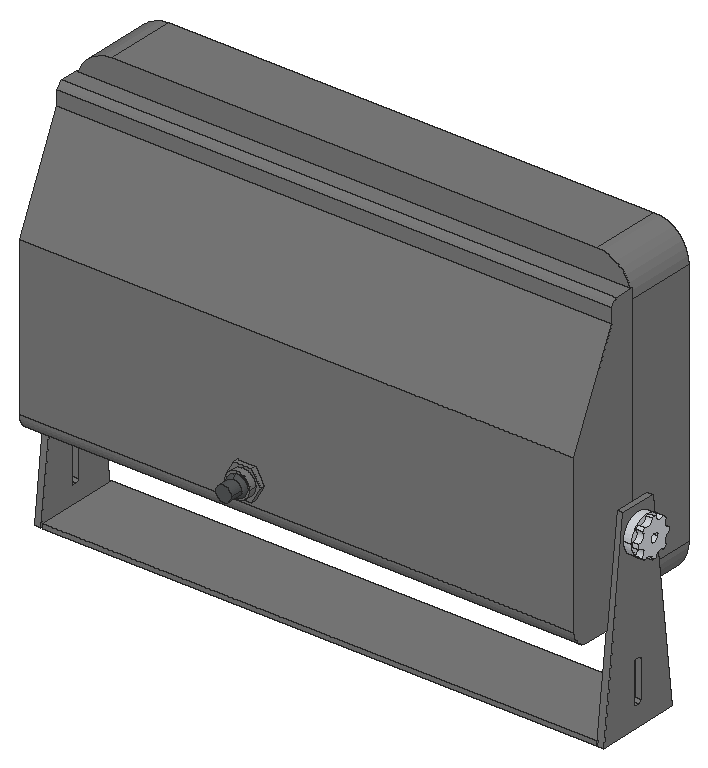
Revit family "WALL WASHER PRO 02_LV1210QW.20", category Luminarias, Revit 2019
Family settings
  Cota de conector redondo = Diámetro de uso
  Tipo de pieza = Normal
  Se basa en plano de trabajo = Sí
  Siempre vertical = No
  Corte con vacíos al cargar = No
  Origen de luz = Sí
  Compartido = No
  Punto de cálculo de habitación = No
Parameters (values of type "REFL_LV1210QW.20")
  Ángulo de inclinación = 20.00°
  Zone [instance] = ""
  Watt per fixture = 108
  Wattage = 108 W
  built-in parameter 1150107 = 6000 (stored number, unit not read)
  built-in parameter 1150110 = 1 (stored number, unit not read)
  built-in parameter 1150109 = 1 (stored number, unit not read)
  built-in parameter 1150112 = 1 (stored number, unit not read)
  built-in parameter 1150113 = 1 (stored number, unit not read)
  built-in parameter 1114218 = 1 (stored number, unit not read)
  Keynote = ""
  built-in parameter 1150137 = (empty or 0)
  built-in parameter 1150132 = (empty or 0)
  Modelo = "LV1210QW.20"
  Lámpara = "CREE"
  built-in parameter 1150105 = 302.35 (stored number, unit not read)
  built-in parameter 1150102 = (empty or 0)
  built-in parameter 1150106 = 3.0235 (stored number, unit not read)
  Lumens = 3799.44 lm
  Color Filter = 16777215
  built-in parameter 1114217 = 1 (stored number, unit not read)
  built-in parameter 1150139 = (empty or 0)
  Fabricante = "BRILLANT"
  Default Elevation = 0 mm
  built-in parameter 1150104 = 3.2683 (stored number, unit not read)
  Descripción = "LUMINARIA TIPO REFLECTOR RGBW, WALL WASHER , CUERPO EN ALUMINIO FUNDIDO A PRESION CON UN PESO DE 12.4KG, CON 453MM DE LARGO POR 333MM DE ALTURA POR 114MM DE ESPESOR, CUENTA CON 12 LED TIPO CREE CON UN CONSUMO TOTAL DE 108W, 3800 LUMENES , RGBW, IP 66,  CABLE H07RN DE 0.5M, APERTURA DE 20 GRADOS POR PROYECTO, ALIMENTADA A 90-277V. REQUIERE ACCESORIOS."
  built-in parameter 1150115 = 1 (stored number, unit not read)
  built-in parameter 1150114 = 1 (stored number, unit not read)
  Comentarios de vataje = "90-277V"
  built-in parameter 1150138 = (empty or 0)
  built-in parameter 1150134 = 5
  Circuit [instance] = ""
  Dimming Lamp Color Temperature Shift = 1
  Archivo de red fotométrica = "LV1210QW_20_FULL.IES"
  built-in parameter 1150133 = 10 (stored number, unit not read)
Reference planes
  plane 1 "Centro (Frontal/Posterior)": y = 0
  plane 2: z = 0
  plane 3 "Centro (Izquierda/Derecha)": x = 0
  plane 4: x = -226.5
  plane 5: x = 226.5
  plane 6: z = 333
  plane 7: x = 0
  plane 8: y = 57
  plane 9: y = -57
  plane 10 "IZQ": x = -39.253
Forms (mm)
  Extrusion 1, solid, material "Aluminio"
    sketch origin (0, 0, 0) x (0, 1, 0) y (0, 0, 1)
      loop
        arc (-15, 311.344) -> (-17.857, 309.228) -> (-19.973, 306.371) r 12.072
        line (-19.973, 306.371) -> (-19.973, 295.012) -> (-57, 215.607) -> (-57, 90.801)
        arc (-57, 90.801) -> (-53.222, 81.679) -> (-44.099, 77.901) r 12.901
        line (-44.099, 77.901) -> (0, 77.901) -> (0, 311.344) -> (-15, 311.344)
    from -219.911 to 221.5
  Extrusion 2, solid, material "Aluminio"
    sketch origin (0, 0, 0) x (0, 1, 0) y (0, 0, -1)
      loop
        line (34.275, 0) -> (-34.275, 0) -> (-14.671, -159.662) -> (14.671, -159.662) -> (34.275, 0)
      loop
        line (-1.599, -49.837) -> (1.599, -49.837)
        arc (1.599, -49.837) -> (3.167, -49.187) -> (3.816, -47.62) r 2.217
        line (3.816, -47.62) -> (3.816, -18.226)
        arc (3.816, -18.226) -> (3.167, -16.658) -> (1.599, -16.009) r 2.217
        line (1.599, -16.009) -> (-1.599, -16.009)
        arc (-1.599, -16.009) -> (-3.167, -16.658) -> (-3.816, -18.226) r 2.217
        line (-3.816, -18.226) -> (-3.816, -47.62)
        arc (-3.816, -47.62) -> (-3.167, -49.187) -> (-1.599, -49.837) r 2.217
    from -226.5 to -221.5
  Extrusion 3, solid, material "Aluminio"
    sketch origin (0, 0, 0) x (1, 0, 0) y (0, 1, 0)
      loop
        line (-219.911, 35) -> (-219.911, -34.275) -> (221.5, -34.275) -> (221.5, 35) -> (-219.911, 35)
    from 0 to 3.546
  Revolve 4, solid
    sketch origin (-167.528, -248.577, 264.956) x (-1, 0, 0) y (0, -1, 0)
      loop
        line (-30.028, -297.392) -> (-30.028, -286.113) -> (-52.575, -286.113)
        arc (-52.575, -286.113) -> (-42.965, -295.078) -> (-30.028, -297.392) r 23.224
      axis (-30.028, -286.113) -> (-30.028, -297.392)
    angle from 0 to 360
  Extrusion 5, solid
    sketch origin (-19.132, 0, -2.987) x (0, 1, 0) y (0, 0, -1)
      loop
        circle (0, -142.5) r 15
    from 207.368 to 214.676
  Extrusion 6, solid
    sketch origin (-19.132, 0, -81.925) x (0, 1, 0) y (0, 0, 1)
      loop
        arc (14.911, 219.803) -> (15, 221.438) -> (14.911, 223.073) r 15
        arc (14.911, 223.073) -> (10.77, 225.899) -> (11.7, 230.825) r 4.579
        arc (11.7, 230.825) -> (10.607, 232.045) -> (9.387, 233.138) r 15
        arc (9.387, 233.138) -> (4.461, 232.208) -> (1.635, 236.349) r 4.579
        arc (1.635, 236.349) -> (0, 236.438) -> (-1.635, 236.349) r 15
        arc (-1.635, 236.349) -> (-4.461, 232.208) -> (-9.387, 233.138) r 4.579
        arc (-9.387, 233.138) -> (-10.607, 232.045) -> (-11.7, 230.825) r 15
        arc (-11.7, 230.825) -> (-10.77, 225.899) -> (-14.911, 223.073) r 4.579
        arc (-14.911, 223.073) -> (-15, 221.438) -> (-14.911, 219.803) r 15
        arc (-14.911, 219.803) -> (-10.77, 216.977) -> (-11.7, 212.051) r 4.579
        arc (-11.7, 212.051) -> (-10.607, 210.832) -> (-9.387, 209.739) r 15
        arc (-9.387, 209.739) -> (-4.461, 210.669) -> (-1.635, 206.528) r 4.579
        arc (-1.635, 206.528) -> (0, 206.438) -> (1.635, 206.528) r 15
        arc (1.635, 206.528) -> (4.461, 210.669) -> (9.387, 209.739) r 4.579
        arc (9.387, 209.739) -> (10.607, 210.832) -> (11.7, 212.051) r 15
        arc (11.7, 212.051) -> (10.77, 216.977) -> (14.911, 219.803) r 4.579
      loop
        circle (0, 221.438) r 3.632
    from -220.417 to -214.676
  Extrusion 7, solid
    sketch origin (19.132, 0, -2.987) x (0, 1, 0) y (0, 0, 1)
      loop
        circle (0, 142.5) r 15
    from 207.368 to 214.676
  Extrusion 8, solid
    sketch origin (19.132, 0, -81.925) x (0, 1, 0) y (0, 0, -1)
      loop
        arc (14.911, -219.803) -> (10.77, -216.977) -> (11.7, -212.051) r 4.579
        arc (11.7, -212.051) -> (10.607, -210.832) -> (9.387, -209.739) r 15
        arc (9.387, -209.739) -> (4.461, -210.669) -> (1.635, -206.528) r 4.579
        arc (1.635, -206.528) -> (0, -206.438) -> (-1.635, -206.528) r 15
        arc (-1.635, -206.528) -> (-4.461, -210.669) -> (-9.387, -209.739) r 4.579
        arc (-9.387, -209.739) -> (-10.607, -210.832) -> (-11.7, -212.051) r 15
        arc (-11.7, -212.051) -> (-10.77, -216.977) -> (-14.911, -219.803) r 4.579
        arc (-14.911, -219.803) -> (-15, -221.438) -> (-14.911, -223.073) r 15
        arc (-14.911, -223.073) -> (-10.77, -225.899) -> (-11.7, -230.825) r 4.579
        arc (-11.7, -230.825) -> (-10.607, -232.045) -> (-9.387, -233.138) r 15
        arc (-9.387, -233.138) -> (-4.461, -232.208) -> (-1.635, -236.349) r 4.579
        arc (-1.635, -236.349) -> (0, -236.438) -> (1.635, -236.349) r 15
        arc (1.635, -236.349) -> (4.461, -232.208) -> (9.387, -233.138) r 4.579
        arc (9.387, -233.138) -> (10.607, -232.045) -> (11.7, -230.825) r 15
        arc (11.7, -230.825) -> (10.77, -225.899) -> (14.911, -223.073) r 4.579
        arc (14.911, -223.073) -> (15, -221.438) -> (14.911, -219.803) r 15
      loop
        circle (0, -221.438) r 3.632
    from -220.417 to -214.676
  Revolve 9, solid
    sketch origin (-47.023, -248.577, 137.648) x (-1, 0, 0) y (0, -1, 0)
      loop
        line (-30.028, -289.911) -> (-30.028, -286.113) -> (-36.879, -286.113)
        arc (-36.879, -286.113) -> (-33.928, -288.868) -> (-30.028, -289.911) r 8.331
      axis (-30.028, -286.113) -> (-30.028, -289.911)
    angle from 0 to 360
  Revolve 10, solid
    sketch origin (-69.28, -248.577, 137.648) x (-1, 0, 0) y (0, -1, 0)
      loop
        line (-30.028, -289.911) -> (-30.028, -286.113) -> (-36.879, -286.113)
        arc (-36.879, -286.113) -> (-33.928, -288.868) -> (-30.028, -289.911) r 8.331
      axis (-30.028, -286.113) -> (-30.028, -289.911)
    angle from 0 to 360
  Revolve 11, solid
    sketch origin (47.023, -248.577, 137.648) x (1, 0, 0) y (0, 1, 0)
      loop
        arc (-30.028, 289.911) -> (-33.928, 288.868) -> (-36.879, 286.113) r 8.331
        line (-36.879, 286.113) -> (-30.028, 286.113) -> (-30.028, 289.911)
      axis (-30.028, 286.113) -> (-30.028, 289.911)
    angle from 0 to 360
  Revolve 12, solid
    sketch origin (69.28, -248.577, 137.648) x (1, 0, 0) y (0, 1, 0)
      loop
        arc (-30.028, 289.911) -> (-33.928, 288.868) -> (-36.879, 286.113) r 8.331
        line (-36.879, 286.113) -> (-30.028, 286.113) -> (-30.028, 289.911)
      axis (-30.028, 286.113) -> (-30.028, 289.911)
    angle from 0 to 360
  Extrusion 13, solid, material "Aluminio"
    sketch origin (0, 0, 0) x (0, 1, 0) y (0, 0, 1)
      loop
        line (34.275, 0) -> (14.671, 159.662) -> (-14.671, 159.662) -> (-34.275, 0) -> (34.275, 0)
      loop
        arc (-1.599, 49.837) -> (-3.167, 49.187) -> (-3.816, 47.62) r 2.217
        line (-3.816, 47.62) -> (-3.816, 18.226)
        arc (-3.816, 18.226) -> (-3.167, 16.658) -> (-1.599, 16.009) r 2.217
        line (-1.599, 16.009) -> (1.599, 16.009)
        arc (1.599, 16.009) -> (3.167, 16.658) -> (3.816, 18.226) r 2.217
        line (3.816, 18.226) -> (3.816, 47.62)
        arc (3.816, 47.62) -> (3.167, 49.187) -> (1.599, 49.837) r 2.217
        line (1.599, 49.837) -> (-1.599, 49.837)
    from -226.5 to -221.5
  Extrusion 14, solid, material "Aluminio"
    sketch origin (0, -3.816, 57.007) x (1, 0, 0) y (0, 0, 1)
      loop
        circle (-39.253, 51.253) r 10
    from 57 to 62.744
  Extrusion 15, solid, material "Aluminio"
    sketch origin (0, -3.816, 50.757) x (1, 0, 0) y (0, 0, 1)
      loop
        line (-46.239, 69.604) -> (-53.226, 57.503) -> (-46.239, 45.402) -> (-32.266, 45.402) -> (-25.28, 57.503) -> (-32.266, 69.604) -> (-46.239, 69.604)
    from 53.184 to 57
  Revolve 16, solid, material "Plastico"
    sketch origin (-39.253, -3.816, 50.757) x (0, 0, 1) y (0, -1, 0)
      loop
        line (57.503, 62.744) -> (65.76, 62.744)
        spline (65.76, 62.744) -> (65.69, 63.494) -> (65.479, 64.231) -> (65.132, 64.942) -> (64.654, 65.616) -> (64.054, 66.241) -> (63.342, 66.806) -> (62.53, 67.301) -> (61.632, 67.719) -> (60.663, 68.051) -> (59.64, 68.293) -> (58.581, 68.439) -> (57.503, 68.488)
        line (57.503, 68.488) -> (57.503, 62.744)
      axis (57.503, 62.744) -> (57.503, 68.488)
    angle from 0 to 360
  Extrusion 17, solid, material "Plastico"
    sketch origin (0, -3.816, 80.757) x (1, 0, 0) y (0, 0, 1)
      loop
        circle (-39.253, 27.503) r 6.192
    from 62.744 to 76.136
  Extrusion 18, solid, material "Aluminio"
    sketch origin (0, 0, 0) x (1, 0, 0) y (0, 0, 1)
      loop
        arc (-192.411, 330.5) -> (-211.856, 322.445) -> (-219.911, 303) r 27.5
        line (-219.911, 303) -> (-219.911, 105.401)
        arc (-219.911, 105.401) -> (-211.856, 85.955) -> (-192.411, 77.901) r 27.5
        line (-192.411, 77.901) -> (194, 77.901)
        arc (194, 77.901) -> (213.445, 85.955) -> (221.5, 105.401) r 27.5
        line (221.5, 105.401) -> (221.5, 303)
        arc (221.5, 303) -> (213.445, 322.445) -> (194, 330.5) r 27.5
        line (194, 330.5) -> (-192.411, 330.5)
      loop
        arc (-173.287, 311.344) -> (-190.963, 304.022) -> (-198.284, 286.347) r 24.997
        line (-198.284, 286.347) -> (-198.284, 130.402)
        arc (-198.284, 130.402) -> (-190.963, 112.726) -> (-173.287, 105.405) r 24.997
        line (-173.287, 105.405) -> (173.269, 105.405)
        arc (173.269, 105.405) -> (190.938, 112.724) -> (198.258, 130.394) r 24.989
        line (198.258, 130.394) -> (198.258, 286.36)
        arc (198.258, 286.36) -> (190.94, 304.026) -> (173.273, 311.344) r 24.984
        line (173.273, 311.344) -> (-173.287, 311.344)
    from -57 to 0
  Extrusion 19, solid, material "Cristal"
    sketch origin (0, 0, 0) x (1, 0, 0) y (0, 0, 1)
      loop
        arc (-170.787, 311.343) -> (-188.463, 304.022) -> (-195.784, 286.347) r 24.997
        line (-195.784, 286.347) -> (-195.784, 132.902)
        arc (-195.784, 132.902) -> (-188.463, 115.227) -> (-170.787, 107.906) r 24.996
        line (-170.787, 107.906) -> (170.771, 107.906)
        arc (170.771, 107.906) -> (188.445, 115.226) -> (195.765, 132.9) r 24.994
        line (195.765, 132.9) -> (195.765, 286.348)
        arc (195.765, 286.348) -> (188.444, 304.022) -> (170.77, 311.343) r 24.995
        line (170.77, 311.343) -> (-170.787, 311.343)
    from -57 to -54.932
  Revolve 20, solid
    sketch origin (-112.528, -248.577, 264.956) x (-1, 0, 0) y (0, -1, 0)
      loop
        line (-30.028, -297.392) -> (-30.028, -286.113) -> (-52.575, -286.113)
        arc (-52.575, -286.113) -> (-42.965, -295.078) -> (-30.028, -297.392) r 23.224
      axis (-30.028, -286.113) -> (-30.028, -297.392)
    angle from 0 to 360
  Revolve 21, solid
    sketch origin (-57.528, -248.577, 264.956) x (-1, 0, 0) y (0, -1, 0)
      loop
        line (-30.028, -297.392) -> (-30.028, -286.113) -> (-52.575, -286.113)
        arc (-52.575, -286.113) -> (-42.965, -295.078) -> (-30.028, -297.392) r 23.224
      axis (-30.028, -286.113) -> (-30.028, -297.392)
    angle from 0 to 360
  Revolve 22, solid
    sketch origin (169.117, -248.577, 264.956) x (1, 0, 0) y (0, 1, 0)
      loop
        arc (-30.028, 297.392) -> (-42.965, 295.078) -> (-52.575, 286.113) r 23.224
        line (-52.575, 286.113) -> (-30.028, 286.113) -> (-30.028, 297.392)
      axis (-30.028, 286.113) -> (-30.028, 297.392)
    angle from 0 to 360
  Revolve 23, solid
    sketch origin (114.117, -248.577, 264.956) x (1, 0, 0) y (0, 1, 0)
      loop
        arc (-30.028, 297.392) -> (-42.965, 295.078) -> (-52.575, 286.113) r 23.224
        line (-52.575, 286.113) -> (-30.028, 286.113) -> (-30.028, 297.392)
      axis (-30.028, 286.113) -> (-30.028, 297.392)
    angle from 0 to 360
  Revolve 24, solid
    sketch origin (59.117, -248.577, 264.956) x (1, 0, 0) y (0, 1, 0)
      loop
        arc (-30.028, 297.392) -> (-42.965, 295.078) -> (-52.575, 286.113) r 23.224
        line (-52.575, 286.113) -> (-30.028, 286.113) -> (-30.028, 297.392)
      axis (-30.028, 286.113) -> (-30.028, 297.392)
    angle from 0 to 360
  Revolve 25, solid
    sketch origin (-167.528, -248.577, 203.758) x (0, 1, 0) y (-1, 0, 0)
      loop
        line (297.392, -30.028) -> (286.113, -30.028) -> (286.113, -52.575)
        arc (286.113, -52.575) -> (295.078, -42.965) -> (297.392, -30.028) r 23.224
      axis (286.113, -30.028) -> (297.392, -30.028)
    angle from 0 to 360
  Revolve 26, solid
    sketch origin (-112.528, -248.577, 203.758) x (0, 1, 0) y (-1, 0, 0)
      loop
        line (297.392, -30.028) -> (286.113, -30.028) -> (286.113, -52.575)
        arc (286.113, -52.575) -> (295.078, -42.965) -> (297.392, -30.028) r 23.224
      axis (286.113, -30.028) -> (297.392, -30.028)
    angle from 0 to 360
  Revolve 27, solid
    sketch origin (-57.528, -248.577, 203.758) x (0, 1, 0) y (-1, 0, 0)
      loop
        line (297.392, -30.028) -> (286.113, -30.028) -> (286.113, -52.575)
        arc (286.113, -52.575) -> (295.078, -42.965) -> (297.392, -30.028) r 23.224
      axis (286.113, -30.028) -> (297.392, -30.028)
    angle from 0 to 360
  Revolve 28, solid
    sketch origin (169.117, -248.577, 203.758) x (0, -1, 0) y (1, 0, 0)
      loop
        arc (-297.392, -30.028) -> (-295.078, -42.965) -> (-286.113, -52.575) r 23.224
        line (-286.113, -52.575) -> (-286.113, -30.028) -> (-297.392, -30.028)
      axis (-286.113, -30.028) -> (-297.392, -30.028)
    angle from 0 to 360
  Revolve 29, solid
    sketch origin (114.117, -248.577, 203.758) x (0, -1, 0) y (1, 0, 0)
      loop
        arc (-297.392, -30.028) -> (-295.078, -42.965) -> (-286.113, -52.575) r 23.224
        line (-286.113, -52.575) -> (-286.113, -30.028) -> (-297.392, -30.028)
      axis (-286.113, -30.028) -> (-297.392, -30.028)
    angle from 0 to 360
  Revolve 30, solid
    sketch origin (59.117, -248.577, 203.758) x (0, -1, 0) y (1, 0, 0)
      loop
        arc (-297.392, -30.028) -> (-295.078, -42.965) -> (-286.113, -52.575) r 23.224
        line (-286.113, -52.575) -> (-286.113, -30.028) -> (-297.392, -30.028)
      axis (-286.113, -30.028) -> (-297.392, -30.028)
    angle from 0 to 360
Dimensions and locks
  equal spacing: plane 4, plane 3 "Centro (Izquierda/Derecha)", plane 5
  plane 4 to plane 5 = 453 mm
  plane 4 to plane 3 "Centro (Izquierda/Derecha)" = 226.5 mm
  plane 6 to plane 2 = 333 mm
  plane 6 to level = 333 mm
  plane 5 to plane 4 = 453 mm
  equal spacing: plane 9, plane 1 "Centro (Frontal/Posterior)", plane 8
  plane 9 to plane 8 = 114 mm
  plane 9 to plane 1 "Centro (Frontal/Posterior)" = 57 mm
  Extrusion 3 to Extrusion 3 = 3.546 mm
  Extrusion 2 to Extrusion 2 = 5 mm
  plane 3 "Centro (Izquierda/Derecha)" to plane 4 = 226.5 mm
  aligned and locked: level to plane 2
  aligned and locked: plane 5 to Extrusion 2
  aligned and locked: Extrusion 17 to Revolve 16
  aligned and locked: Extrusion 14 to Revolve 16
  aligned and locked: Extrusion 18 sketch curve to Extrusion 1  (x3)
  aligned and locked: Extrusion 18 to plane 8
Automatic sketch dimensions
  Extrusion 1 sketch curve to plane 9 = 0 mm
  Extrusion 1 sketch curve to plane 1 "Centro (Frontal/Posterior)" = 0 mm
  plane 9 to Extrusion 1 sketch curve = 12.901 mm
  plane 1 "Centro (Frontal/Posterior)" to Extrusion 1 sketch curve = 19.973 mm
  Extrusion 1 sketch curve to Extrusion 1 sketch curve = 4.973 mm
  plane 1 "Centro (Frontal/Posterior)" to Extrusion 1 sketch curve = 9.321 mm
  level to Extrusion 1 sketch curve = 77.901 mm
  Extrusion 1 sketch curve to plane 6 = 117.393 mm
  Extrusion 1 sketch curve to plane 6 = 37.988 mm
  Extrusion 1 sketch curve to Extrusion 1 sketch curve = 5.679 mm
  Extrusion 1 sketch curve to Extrusion 1 sketch curve = 11.359 mm
  Extrusion 2 sketch curve to level = 0 mm
  plane 9 to Extrusion 2 sketch curve = 22.725 mm
  plane 1 "Centro (Frontal/Posterior)" to Extrusion 2 sketch curve = 14.671 mm
  plane 1 "Centro (Frontal/Posterior)" to Extrusion 2 sketch curve = 3.816 mm
  plane 1 "Centro (Frontal/Posterior)" to Extrusion 2 sketch curve = 1.599 mm  (x2)
  Extrusion 2 sketch curve to plane 1 "Centro (Frontal/Posterior)" = 1.599 mm  (x2)
  Extrusion 2 sketch curve to Extrusion 2 sketch curve = 2.217 mm
  Extrusion 2 sketch curve to plane 1 "Centro (Frontal/Posterior)" = 14.671 mm
  plane 8 to Extrusion 2 sketch curve = 22.725 mm
  level to Extrusion 2 sketch curve = 16.009 mm
  Extrusion 2 sketch curve to Extrusion 2 sketch curve = 29.393 mm
  Extrusion 2 sketch curve to Extrusion 2 sketch curve = 109.825 mm
  plane 4 to Extrusion 3 sketch curve = 6.589 mm
  Extrusion 3 sketch curve to plane 5 = 5 mm
  plane 9 to Extrusion 3 sketch curve = 22.725 mm
  plane 8 to Extrusion 3 sketch curve = 22 mm
  plane 8 to Revolve 4 sketch curve = 19.464 mm
  Revolve 4 sketch curve to plane 10 "IZQ" = 75.7 mm
  Revolve 4 sketch curve to Revolve 4 sketch curve = 20 mm
  Revolve 4 sketch curve to Revolve 4 sketch curve = 2.547 mm
  plane 8 to Revolve 4 sketch curve = 8.186 mm
  Revolve 4 sketch curve to Revolve 4 sketch curve = 0 mm
  Revolve 4 sketch curve to Revolve 4 sketch curve = 5.092 mm
  Revolve 4 sketch curve to plane 8 = 13.163 mm
  Extrusion 5 sketch curve to plane 1 "Centro (Frontal/Posterior)" = 0 mm
  level to Extrusion 5 sketch curve = 139.513 mm
  Extrusion 6 sketch curve to Extrusion 6 sketch curve = 0 mm  (x77)
  Extrusion 6 sketch curve to plane 1 "Centro (Frontal/Posterior)" = 0 mm
  plane 1 "Centro (Frontal/Posterior)" to Extrusion 6 sketch curve = 6.213 mm  (x2)
  Extrusion 6 sketch curve to Extrusion 6 sketch curve = 8.787 mm  (x5)
  Extrusion 6 sketch curve to plane 1 "Centro (Frontal/Posterior)" = 6.213 mm  (x2)
  level to Extrusion 6 sketch curve = 124.513 mm
  Extrusion 6 sketch curve to Extrusion 6 sketch curve = 6.213 mm
  Extrusion 6 sketch curve to Extrusion 6 sketch curve = 12.426 mm  (x2)
  plane 1 "Centro (Frontal/Posterior)" to Extrusion 6 sketch curve = 1.635 mm  (x2)
  Extrusion 6 sketch curve to Extrusion 6 sketch curve = 3.174 mm  (x4)
  Extrusion 6 sketch curve to Extrusion 6 sketch curve = 2.312 mm  (x4)
  Extrusion 6 sketch curve to Extrusion 6 sketch curve = 0.089 mm  (x3)
  Extrusion 6 sketch curve to plane 1 "Centro (Frontal/Posterior)" = 1.635 mm  (x2)
  Extrusion 7 sketch curve to plane 1 "Centro (Frontal/Posterior)" = 0 mm
  level to Extrusion 7 sketch curve = 139.513 mm
  Extrusion 8 sketch curve to Extrusion 8 sketch curve = 0 mm  (x76)
  Extrusion 8 sketch curve to plane 1 "Centro (Frontal/Posterior)" = 0 mm
  plane 1 "Centro (Frontal/Posterior)" to Extrusion 8 sketch curve = 6.213 mm  (x2)
  Extrusion 8 sketch curve to Extrusion 8 sketch curve = 8.787 mm  (x6)
  Extrusion 8 sketch curve to plane 1 "Centro (Frontal/Posterior)" = 6.213 mm  (x2)
  level to Extrusion 8 sketch curve = 154.513 mm
  Extrusion 8 sketch curve to Extrusion 8 sketch curve = 15 mm
  Extrusion 8 sketch curve to Extrusion 8 sketch curve = 12.426 mm  (x2)
  plane 1 "Centro (Frontal/Posterior)" to Extrusion 8 sketch curve = 1.635 mm  (x2)
  Extrusion 8 sketch curve to Extrusion 8 sketch curve = 3.174 mm  (x4)
  Extrusion 8 sketch curve to Extrusion 8 sketch curve = 2.312 mm  (x4)
  Extrusion 8 sketch curve to Extrusion 8 sketch curve = 0.089 mm  (x3)
  Extrusion 8 sketch curve to plane 1 "Centro (Frontal/Posterior)" = 1.635 mm  (x2)
  Revolve 9 sketch curve to plane 3 "Centro (Izquierda/Derecha)" = 10.144 mm
  Revolve 9 sketch curve to Revolve 9 sketch curve = 6.852 mm
  Revolve 9 sketch curve to Revolve 9 sketch curve = 0.139 mm
  plane 8 to Revolve 9 sketch curve = 15.666 mm
  Revolve 9 sketch curve to Revolve 9 sketch curve = 3.798 mm
  Revolve 9 sketch curve to Revolve 9 sketch curve = 0 mm
  Revolve 9 sketch curve to Revolve 9 sketch curve = 1.294 mm
  Revolve 9 sketch curve to plane 8 = 13.163 mm
  Revolve 10 sketch curve to plane 10 "IZQ" = 0 mm  (x2)
  Revolve 10 sketch curve to Revolve 10 sketch curve = 6.852 mm
  Revolve 10 sketch curve to plane 10 "IZQ" = 0.139 mm
  plane 8 to Revolve 10 sketch curve = 15.666 mm
  Revolve 10 sketch curve to Revolve 10 sketch curve = 3.798 mm
  Revolve 10 sketch curve to Revolve 10 sketch curve = 1.294 mm
  Revolve 10 sketch curve to plane 8 = 13.163 mm
  plane 3 "Centro (Izquierda/Derecha)" to Revolve 11 sketch curve = 10.144 mm
  Revolve 11 sketch curve to Revolve 11 sketch curve = 6.852 mm
  Revolve 11 sketch curve to Revolve 11 sketch curve = 0.139 mm
  plane 8 to Revolve 11 sketch curve = 23.996 mm
  Revolve 11 sketch curve to Revolve 11 sketch curve = 4.532 mm
  Revolve 11 sketch curve to Revolve 11 sketch curve = 0 mm
  Revolve 11 sketch curve to Revolve 11 sketch curve = 1.294 mm
  Revolve 11 sketch curve to plane 8 = 13.163 mm
  plane 3 "Centro (Izquierda/Derecha)" to Revolve 12 sketch curve = 32.401 mm
  Revolve 12 sketch curve to Revolve 12 sketch curve = 6.852 mm
  Revolve 12 sketch curve to Revolve 12 sketch curve = 0.139 mm
  plane 8 to Revolve 12 sketch curve = 23.996 mm
  Revolve 12 sketch curve to Revolve 12 sketch curve = 4.532 mm
  Revolve 12 sketch curve to Revolve 12 sketch curve = 0 mm
  Revolve 12 sketch curve to Revolve 12 sketch curve = 1.294 mm
  Revolve 12 sketch curve to plane 8 = 13.163 mm
  Extrusion 13 sketch curve to level = 0 mm
  plane 9 to Extrusion 13 sketch curve = 22.725 mm
  plane 1 "Centro (Frontal/Posterior)" to Extrusion 13 sketch curve = 14.671 mm
  plane 1 "Centro (Frontal/Posterior)" to Extrusion 13 sketch curve = 3.816 mm
  plane 1 "Centro (Frontal/Posterior)" to Extrusion 13 sketch curve = 1.599 mm  (x2)
  Extrusion 13 sketch curve to plane 1 "Centro (Frontal/Posterior)" = 1.599 mm  (x2)
  Extrusion 13 sketch curve to Extrusion 13 sketch curve = 2.217 mm
  Extrusion 13 sketch curve to plane 1 "Centro (Frontal/Posterior)" = 14.671 mm
  plane 8 to Extrusion 13 sketch curve = 22.725 mm
  level to Extrusion 13 sketch curve = 16.009 mm
  Extrusion 13 sketch curve to Extrusion 13 sketch curve = 29.393 mm
  Extrusion 13 sketch curve to Extrusion 13 sketch curve = 109.825 mm
  plane 10 "IZQ" to Extrusion 14 sketch curve = 0 mm
  level to Extrusion 14 sketch curve = 108.26 mm
  Extrusion 15 sketch curve to plane 10 "IZQ" = 13.973 mm
  Extrusion 15 sketch curve to plane 10 "IZQ" = 6.986 mm  (x2)
  plane 10 "IZQ" to Extrusion 15 sketch curve = 6.986 mm  (x2)
  Extrusion 15 sketch curve to Extrusion 15 sketch curve = 6.986 mm
  level to Extrusion 15 sketch curve = 96.159 mm
  Extrusion 15 sketch curve to Extrusion 15 sketch curve = 12.101 mm  (x3)
  Revolve 16 sketch curve to plane 9 = 9.56 mm
  level to Revolve 16 sketch curve = 108.26 mm
  Revolve 16 sketch curve to Revolve 16 sketch curve = 8.257 mm
  Revolve 16 sketch curve to Revolve 16 sketch curve = 0 mm  (x3)
  Revolve 16 sketch curve to Revolve 16 sketch curve = 5.744 mm
  Revolve 16 sketch curve to Revolve 16 sketch curve = 12.152 mm
  plane 10 "IZQ" to Extrusion 17 sketch curve = 0 mm
  level to Extrusion 17 sketch curve = 108.26 mm
  Extrusion 18 sketch curve to Extrusion 18 sketch curve = 21.626 mm
  plane 4 to Extrusion 18 sketch curve = 34.089 mm
  Extrusion 18 sketch curve to Extrusion 18 sketch curve = 5.874 mm
  Extrusion 18 sketch curve to Extrusion 18 sketch curve = 24.997 mm
  Extrusion 18 sketch curve to Extrusion 18 sketch curve = 19.124 mm
  Extrusion 18 sketch curve to Extrusion 18 sketch curve = 48.231 mm
  Extrusion 18 sketch curve to plane 6 = 21.656 mm
  Extrusion 18 sketch curve to Extrusion 18 sketch curve = 48.227 mm
  Extrusion 18 sketch curve to Extrusion 18 sketch curve = 20.731 mm
  Extrusion 18 sketch curve to plane 6 = 2.5 mm
  Extrusion 18 sketch curve to Extrusion 18 sketch curve = 20.727 mm
  Extrusion 18 sketch curve to Extrusion 18 sketch curve = 24.989 mm
  Extrusion 18 sketch curve to Extrusion 18 sketch curve = 0.004 mm
  plane 4 to Extrusion 19 sketch curve = 30.716 mm
  Extrusion 19 sketch curve to Extrusion 19 sketch curve = 24.996 mm
  Extrusion 19 sketch curve to Extrusion 19 sketch curve = 24.997 mm
  Extrusion 19 sketch curve to plane 5 = 55.73 mm
  Extrusion 19 sketch curve to plane 5 = 55.729 mm
  Extrusion 19 sketch curve to Extrusion 19 sketch curve = 24.995 mm
  level to Extrusion 19 sketch curve = 107.906 mm
  Extrusion 19 sketch curve to plane 6 = 46.653 mm
  Revolve 20 sketch curve to plane 10 "IZQ" = 20.7 mm
  Revolve 20 sketch curve to Revolve 20 sketch curve = 20 mm
  Revolve 20 sketch curve to Revolve 20 sketch curve = 2.547 mm
  plane 8 to Revolve 20 sketch curve = 8.186 mm
  Revolve 20 sketch curve to Revolve 20 sketch curve = 11.279 mm
  Revolve 20 sketch curve to Revolve 20 sketch curve = 0 mm
  Revolve 20 sketch curve to plane 8 = 13.163 mm
  Revolve 20 sketch curve to Revolve 20 sketch curve = 5.092 mm
  Revolve 21 sketch curve to plane 3 "Centro (Izquierda/Derecha)" = 4.953 mm
  plane 10 "IZQ" to Revolve 21 sketch curve = 14.3 mm
  plane 10 "IZQ" to Revolve 21 sketch curve = 11.753 mm
  plane 8 to Revolve 21 sketch curve = 8.186 mm
  Revolve 21 sketch curve to Revolve 21 sketch curve = 11.279 mm
  Revolve 21 sketch curve to Revolve 21 sketch curve = 0 mm
  Revolve 21 sketch curve to plane 8 = 13.163 mm
  Revolve 21 sketch curve to Revolve 21 sketch curve = 5.092 mm
  plane 8 to Revolve 22 sketch curve = 19.464 mm
  Revolve 22 sketch curve to plane 5 = 109.958 mm
  Revolve 22 sketch curve to Revolve 22 sketch curve = 20 mm
  Revolve 22 sketch curve to Revolve 22 sketch curve = 2.547 mm
  Revolve 22 sketch curve to Revolve 22 sketch curve = 11.805 mm
  Revolve 22 sketch curve to Revolve 22 sketch curve = 0 mm
  Revolve 22 sketch curve to Revolve 22 sketch curve = 5.092 mm
  Revolve 22 sketch curve to plane 8 = 13.163 mm
  plane 8 to Revolve 23 sketch curve = 19.464 mm
  plane 3 "Centro (Izquierda/Derecha)" to Revolve 23 sketch curve = 61.542 mm
  Revolve 23 sketch curve to Revolve 23 sketch curve = 20 mm
  Revolve 23 sketch curve to Revolve 23 sketch curve = 2.547 mm
  Revolve 23 sketch curve to Revolve 23 sketch curve = 11.805 mm
  Revolve 23 sketch curve to Revolve 23 sketch curve = 0 mm
  Revolve 23 sketch curve to Revolve 23 sketch curve = 5.092 mm
  Revolve 23 sketch curve to plane 8 = 13.163 mm
  plane 3 "Centro (Izquierda/Derecha)" to Revolve 24 sketch curve = 6.542 mm
  Revolve 24 sketch curve to Revolve 24 sketch curve = 20 mm
  Revolve 24 sketch curve to Revolve 24 sketch curve = 2.547 mm
  Revolve 24 sketch curve to plane 1 "Centro (Frontal/Posterior)" = 25.73 mm
  Revolve 24 sketch curve to Revolve 24 sketch curve = 11.805 mm
  Revolve 24 sketch curve to Revolve 24 sketch curve = 0 mm
  Revolve 24 sketch curve to Revolve 24 sketch curve = 5.092 mm
  Revolve 24 sketch curve to plane 8 = 13.163 mm
  Revolve 25 sketch curve to plane 1 "Centro (Frontal/Posterior)" = 25.73 mm
  Revolve 25 sketch curve to Revolve 25 sketch curve = 11.805 mm
  plane 8 to Revolve 25 sketch curve = 8.186 mm
  Revolve 25 sketch curve to plane 10 "IZQ" = 75.7 mm
  Revolve 25 sketch curve to Revolve 25 sketch curve = 20 mm
  Revolve 25 sketch curve to Revolve 25 sketch curve = 5.092 mm
  Revolve 25 sketch curve to plane 8 = 13.163 mm
  Revolve 25 sketch curve to Revolve 25 sketch curve = 0 mm
  Revolve 26 sketch curve to plane 1 "Centro (Frontal/Posterior)" = 25.73 mm
  Revolve 26 sketch curve to Revolve 26 sketch curve = 11.805 mm
  plane 8 to Revolve 26 sketch curve = 8.186 mm
  Revolve 26 sketch curve to plane 10 "IZQ" = 20.7 mm
  Revolve 26 sketch curve to Revolve 26 sketch curve = 20 mm
  Revolve 26 sketch curve to Revolve 26 sketch curve = 5.092 mm
  Revolve 26 sketch curve to plane 8 = 13.163 mm
  Revolve 26 sketch curve to Revolve 26 sketch curve = 0 mm
  Revolve 27 sketch curve to plane 1 "Centro (Frontal/Posterior)" = 25.73 mm
  Revolve 27 sketch curve to Revolve 27 sketch curve = 11.805 mm
  plane 8 to Revolve 27 sketch curve = 8.186 mm
  Revolve 27 sketch curve to plane 3 "Centro (Izquierda/Derecha)" = 4.953 mm
  Revolve 27 sketch curve to Revolve 27 sketch curve = 20 mm
  Revolve 27 sketch curve to Revolve 27 sketch curve = 5.092 mm
  Revolve 27 sketch curve to plane 8 = 13.163 mm
  Revolve 27 sketch curve to Revolve 27 sketch curve = 0 mm
  plane 8 to Revolve 28 sketch curve = 8.186 mm
  Revolve 28 sketch curve to Revolve 28 sketch curve = 11.279 mm
  Revolve 28 sketch curve to Revolve 28 sketch curve = 11.805 mm
  Revolve 28 sketch curve to plane 5 = 109.958 mm
  Revolve 28 sketch curve to Revolve 28 sketch curve = 20 mm
  Revolve 28 sketch curve to plane 8 = 13.163 mm
  Revolve 28 sketch curve to Revolve 28 sketch curve = 5.092 mm
  Revolve 28 sketch curve to Revolve 28 sketch curve = 0 mm
  plane 8 to Revolve 29 sketch curve = 8.186 mm
  Revolve 29 sketch curve to Revolve 29 sketch curve = 11.279 mm
  Revolve 29 sketch curve to Revolve 29 sketch curve = 11.805 mm
  plane 3 "Centro (Izquierda/Derecha)" to Revolve 29 sketch curve = 61.542 mm
  Revolve 29 sketch curve to Revolve 29 sketch curve = 20 mm
  Revolve 29 sketch curve to plane 8 = 13.163 mm
  Revolve 29 sketch curve to Revolve 29 sketch curve = 5.092 mm
  Revolve 29 sketch curve to Revolve 29 sketch curve = 0 mm
  plane 8 to Revolve 30 sketch curve = 8.186 mm
  Revolve 30 sketch curve to Revolve 30 sketch curve = 11.279 mm
  Revolve 30 sketch curve to Revolve 30 sketch curve = 11.805 mm
  plane 3 "Centro (Izquierda/Derecha)" to Revolve 30 sketch curve = 6.542 mm
  Revolve 30 sketch curve to Revolve 30 sketch curve = 20 mm
  Revolve 30 sketch curve to plane 8 = 13.163 mm
  Revolve 30 sketch curve to Revolve 30 sketch curve = 5.092 mm
  Revolve 30 sketch curve to Revolve 30 sketch curve = 0 mm
  radius of Extrusion 5 sketch curve = 15 mm
  radius of Extrusion 6 sketch curve = 3.632 mm
  radius of Extrusion 7 sketch curve = 15 mm
  radius of Extrusion 8 sketch curve = 3.632 mm
  radius of Extrusion 14 sketch curve = 10 mm
  radius of Extrusion 17 sketch curve = 6.192 mm
Connectors
  electrical at (-39.253, -79.951, 108.26)
    settings: on Extrusion 17, index 1, voltage 277 V, apparent load 0 VA, apparent load phase1 0 VA, apparent load phase2 0 VA, apparent load phase3 0 VA, power factor 1, load classification "Otro", number of poles 1, system type 31, power factor state 1, is connector primary yes, connector utility no, sub classification motor no, connector description ""
